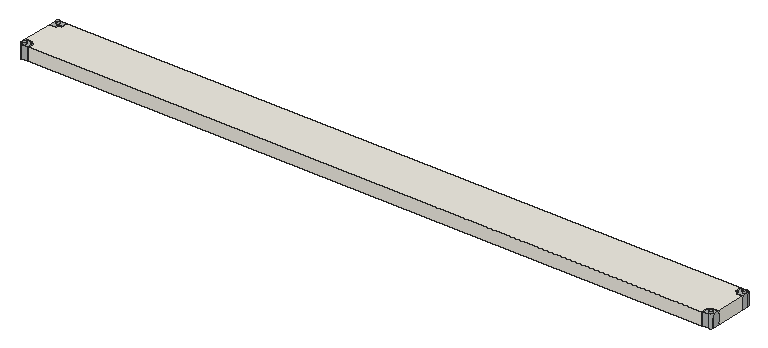
Revit family "HIGHTECH", category Осветительные приборы, Revit 2019 (continued)
Types (32, lengths in mm): name | Файл фотометрической сетки | built-in parameter 1150105 | Lumens | built-in parameter 1150106 | built-in parameter 1150142 | Wattage | Emit from Rectangle Width | Emit from Rectangle Length | Длина | Ширина | ADSK_Ток | ADSK_Полная мощность | ADSK_Обозначение | ADSK_Номинальная мощность | ADSK_Наименование | ADSK_Масса | ADSK_Код изделия
  Hightech-38/opal-sand 595х595 (IP54, 4000К, белый) c БАП на 3 часа | "Светильник HIGHTECH-38 OPAL-SAND-(595x595).IES" | 302.39 (stored number, unit not read) | 3800 lm | 3.0239 (stored number, unit not read) | "IESNA:LM-63-95\r\n[TEST] Протокол № 50-13\r\n[DATA] 17.06.2016\r\n[MORE] \r\n[MANUFAC] ЗАО \"Центрстройсвет\"\r\n[LUMCAT]  Светильник HIGHTECH-38/OPAL-SAND-(595x595)\r\n[LUMINAIRE]\r\n[LAMPCAT] Светодиоды\r\n[LAMP] Поток источника света (светодиодов) не известен\r\n[MORE] КСС приведена в абсолютных величинах кд\r\n[MORE] Вместо потока лампы, указан поток светильника.\r\nTILT=NONE\r\n1    3750 1.0 37 73 1 2 0.595 0.595 0.04\r\n1.0 1.0 38.7\r\n0.0 5.0 10.0 15.0 20.0 25.0 30.0 35.0 40.0 45.0 50.0 55.0 60.0 65.0 70.0 75.0 80.0 85.0 90.0 95.0 100.0 105.0 110.0 115.0 120.0 125.0 130.0 135.0 140.0 145.0 150.0 155.0 160.0 165.0 170.0 175.0 180.0\r\n0.0 5.0 10.0 15.0 20.0 25.0 30.0 35.0 40.0 45.0 50.0 55.0 60.0 65.0 70.0 75.0 80.0 85.0 90.0 95.0 100.0 105.0 110.0 115.0 120.0 125.0 130.0 135.0 140.0 145.0 150.0 155.0 160.0 165.0 170.0 175.0 180.0 185.0 190.0 195.0 200.0 205.0 210.0 215.0 220.0 225.0 230.0 235.0 240.0 245.0 250.0 255.0 260.0 265.0 270.0 275.0 280.0 285.0 290.0 295.0 300.0 305.0 310.0 315.0 320.0 325.0 330.0 335.0 340.0 345.0 350.0 355.0 360.0\r\n1391.4 1390.6 1365.7 1330.6 1277.5 1214.9 1147.5 1059.6 967.6 873.2 772.4 664.9 556.3 449.1 342.7 240.6 147.1 64.2 4.7 0.0 0.0 0.0 0.0 0.0 0.0 0.0 0.0 0.0 0.0 0.0 0.0 0.0 0.0 0.0 0.0 0.0 0.0\r\n1391.4 1390.5 1367.8 1332.7 1284.3 1221.3 1147.0 1062.1 969.2 872.4 773.2 666.3 557.1 450.1 343.8 241.9 146.9 64.7 5.2 0.0 0.0 0.0 0.0 0.0 0.0 0.0 0.0 0.0 0.0 0.0 0.0 0.0 0.0 0.0 0.0 0.0 0.0\r\n1391.4 1390.2 1372.0 1333.3 1277.3 1216.8 1144.5 1057.4 969.6 875.1 773.8 669.5 560.0 454.6 345.8 242.4 148.5 65.8 5.4 0.0 0.0 0.0 0.0 0.0 0.0 0.0 0.0 0.0 0.0 0.0 0.0 0.0 0.0 0.0 0.0 0.0 0.0\r\n1391.4 1389.8 1371.2 1330.7 1279.5 1220.5 1148.3 1059.9 967.7 873.2 767.5 666.8 561.4 453.0 347.1 243.7 149.9 65.6 5.8 0.0 0.0 0.0 0.0 0.0 0.0 0.0 0.0 0.0 0.0 0.0 0.0 0.0 0.0 0.0 0.0 0.0 0.0\r\n1391.4 1389.8 1368.3 1329.3 1285.0 1214.6 1141.1 1058.7 971.8 871.3 775.2 666.9 559.4 452.6 345.8 242.5 150.0 65.8 6.1 0.0 0.0 0.0 0.0 0.0 0.0 0.0 0.0 0.0 0.0 0.0 0.0 0.0 0.0 0.0 0.0 0.0 0.0\r\n1391.4 1390.5 1367.3 1332.3 1281.7 1219.0 1142.8 1064.6 970.5 874.4 772.1 667.5 560.2 453.0 346.2 241.8 149.4 65.7 5.6 0.0 0.0 0.0 0.0 0.0 0.0 0.0 0.0 0.0 0.0 0.0 0.0 0.0 0.0 0.0 0.0 0.0 0.0\r\n1391.4 1391.4 1368.1 1333.5 1277.3 1215.7 1139.0 1059.6 968.1 872.4 771.6 667.4 558.8 453.3 344.3 243.9 148.4 65.7 5.4 0.0 0.0 0.0 0.0 0.0 0.0 0.0 0.0 0.0 0.0 0.0 0.0 0.0 0.0 0.0 0.0 0.0 0.0\r\n1391.4 1391.7 1368.1 1330.4 1278.2 1213.9 1142.4 1061.6 967.4 875.1 772.0 669.3 561.1 452.5 345.2 242.1 148.3 65.4 5.5 0.0 0.0 0.0 0.0 0.0 0.0 0.0 0.0 0.0 0.0 0.0 0.0 0.0 0.0 0.0 0.0 0.0 0.0\r\n1391.4 1391.5 1371.0 1328.4 1278.5 1216.7 1142.1 1061.2 971.8 874.7 772.1 668.9 560.8 452.9 345.4 243.3 147.7 66.0 5.4 0.0 0.0 0.0 0.0 0.0 0.0 0.0 0.0 0.0 0.0 0.0 0.0 0.0 0.0 0.0 0.0 0.0 0.0\r\n1391.4 1391.5 1373.2 1330.5 1277.3 1215.5 1143.2 1063.6 967.0 872.7 772.2 669.4 558.9 453.2 346.6 241.9 148.1 65.2 5.5 0.0 0.0 0.0 0.0 0.0 0.0 0.0 0.0 0.0 0.0 0.0 0.0 0.0 0.0 0.0 0.0 0.0 0.0\r\n1391.4 1391.4 1369.7 1328.3 1281.3 1216.0 1139.8 1057.9 968.7 875.3 773.9 667.6 561.8 454.0 344.0 243.1 147.2 65.6 5.5 0.0 0.0 0.0 0.0 0.0 0.0 0.0 0.0 0.0 0.0 0.0 0.0 0.0 0.0 0.0 0.0 0.0 0.0\r\n1391.4 1390.5 1367.9 1330.1 1278.1 1218.1 1138.9 1061.0 970.0 871.8 770.4 669.3 560.2 453.4 346.9 242.1 148.3 65.2 5.2 0.0 0.0 0.0 0.0 0.0 0.0 0.0 0.0 0.0 0.0 0.0 0.0 0.0 0.0 0.0 0.0 0.0 0.0\r\n1391.4 1389.3 1368.2 1329.1 1280.8 1214.4 1142.5 1059.2 967.2 874.3 772.4 668.0 563.1 452.3 345.7 242.8 146.8 64.9 5.1 0.0 0.0 0.0 0.0 0.0 0.0 0.0 0.0 0.0 0.0 0.0 0.0 0.0 0.0 0.0 0.0 0.0 0.0\r\n1391.4 1388.6 1367.4 1327.8 1278.0 1215.7 1141.0 1061.0 971.5 877.3 771.2 667.3 561.5 453.0 346.4 242.4 146.3 64.8 5.2 0.0 0.0 0.0 0.0 0.0 0.0 0.0 0.0 0.0 0.0 0.0 0.0 0.0 0.0 0.0 0.0 0.0 0.0\r\n1391.4 1388.0 1367.6 1326.7 1278.3 1218.0 1140.9 1061.5 968.4 873.4 770.1 666.6 562.1 454.6 344.8 241.8 146.4 64.0 5.5 0.0 0.0 0.0 0.0 0.0 0.0 0.0 0.0 0.0 0.0 0.0 0.0 0.0 0.0 0.0 0.0 0.0 0.0\r\n1391.4 1387.2 1366.1 1331.0 1281.4 1216.3 1142.7 1059.1 969.4 871.5 772.2 667.3 560.5 453.0 344.4 242.2 146.4 63.8 5.6 0.0 0.0 0.0 0.0 0.0 0.0 0.0 0.0 0.0 0.0 0.0 0.0 0.0 0.0 0.0 0.0 0.0 0.0\r\n1391.4 1387.1 1366.3 1328.7 1276.9 1214.5 1141.2 1059.3 968.4 874.3 775.5 668.3 562.5 454.9 346.4 241.3 146.2 63.5 5.7 0.0 0.0 0.0 0.0 0.0 0.0 0.0 0.0 0.0 0.0 0.0 0.0 0.0 0.0 0.0 0.0 0.0 0.0\r\n1391.4 1388.4 1366.0 1329.7 1279.2 1217.9 1140.0 1060.5 969.0 873.9 772.0 671.3 560.4 453.2 343.7 241.7 145.8 63.7 5.4 0.0 0.0 0.0 0.0 0.0 0.0 0.0 0.0 0.0 0.0 0.0 0.0 0.0 0.0 0.0 0.0 0.0 0.0\r\n1391.4 1389.6 1367.7 1329.3 1277.2 1211.1 1140.1 1061.0 971.0 871.2 769.2 669.1 561.5 453.1 343.3 241.9 145.8 63.4 5.2 0.0 0.0 0.0 0.0 0.0 0.0 0.0 0.0 0.0 0.0 0.0 0.0 0.0 0.0 0.0 0.0 0.0 0.0\r\n1391.4 1388.8 1366.9 1327.1 1279.4 1214.2 1142.5 1056.4 970.7 870.3 771.0 665.1 560.4 453.3 343.8 241.1 145.7 63.4 5.2 0.0 0.0 0.0 0.0 0.0 0.0 0.0 0.0 0.0 0.0 0.0 0.0 0.0 0.0 0.0 0.0 0.0 0.0\r\n1391.4 1387.2 1365.8 1328.9 1276.6 1210.2 1141.4 1059.3 966.6 871.4 770.5 667.4 559.2 451.4 344.2 241.0 145.6 63.2 5.1 0.0 0.0 0.0 0.0 0.0 0.0 0.0 0.0 0.0 0.0 0.0 0.0 0.0 0.0 0.0 0.0 0.0 0.0\r\n1391.4 1386.8 1364.4 1329.8 1279.4 1213.7 1144.0 1059.0 965.3 873.7 768.8 668.9 559.4 449.5 342.6 241.5 144.6 63.4 5.0 0.0 0.0 0.0 0.0 0.0 0.0 0.0 0.0 0.0 0.0 0.0 0.0 0.0 0.0 0.0 0.0 0.0 0.0\r\n1391.4 1388.1 1365.8 1328.1 1273.8 1213.4 1137.9 1059.2 967.3 869.2 769.3 667.7 558.4 451.4 344.0 240.6 145.7 63.4 4.9 0.0 0.0 0.0 0.0 0.0 0.0 0.0 0.0 0.0 0.0 0.0 0.0 0.0 0.0 0.0 0.0 0.0 0.0\r\n1391.4 1389.2 1364.4 1323.2 1276.3 1213.8 1137.6 1055.3 963.1 871.0 767.7 664.1 559.7 447.1 342.4 240.1 145.2 63.9 5.1 0.0 0.0 0.0 0.0 0.0 0.0 0.0 0.0 0.0 0.0 0.0 0.0 0.0 0.0 0.0 0.0 0.0 0.0\r\n1391.4 1388.4 1362.3 1326.8 1274.4 1212.2 1137.9 1054.7 966.7 867.9 768.7 663.4 557.3 449.2 343.3 240.0 145.7 63.6 5.0 0.0 0.0 0.0 0.0 0.0 0.0 0.0 0.0 0.0 0.0 0.0 0.0 0.0 0.0 0.0 0.0 0.0 0.0\r\n1391.4 1386.2 1361.8 1326.5 1273.3 1211.2 1134.5 1048.6 964.3 866.3 767.8 662.9 556.7 449.5 341.9 239.8 145.7 63.7 5.0 0.0 0.0 0.0 0.0 0.0 0.0 0.0 0.0 0.0 0.0 0.0 0.0 0.0 0.0 0.0 0.0 0.0 0.0\r\n1391.4 1384.4 1363.5 1324.4 1272.0 1209.5 1137.2 1053.0 960.2 867.5 767.9 662.7 556.7 449.2 342.5 239.1 146.2 63.8 4.8 0.0 0.0 0.0 0.0 0.0 0.0 0.0 0.0 0.0 0.0 0.0 0.0 0.0 0.0 0.0 0.0 0.0 0.0\r\n1391.4 1383.7 1362.4 1324.4 1274.0 1209.5 1134.4 1050.1 965.4 864.9 764.6 662.3 556.6 447.9 340.5 240.3 145.5 64.6 4.6 0.0 0.0 0.0 0.0 0.0 0.0 0.0 0.0 0.0 0.0 0.0 0.0 0.0 0.0 0.0 0.0 0.0 0.0\r\n1391.4 1384.4 1361.9 1326.9 1270.2 1207.3 1132.7 1050.1 959.7 867.7 763.1 662.2 555.0 447.3 343.0 238.3 145.8 63.9 4.7 0.0 0.0 0.0 0.0 0.0 0.0 0.0 0.0 0.0 0.0 0.0 0.0 0.0 0.0 0.0 0.0 0.0 0.0\r\n1391.4 1385.1 1363.0 1320.0 1270.4 1207.9 1134.4 1055.0 963.5 867.3 766.7 660.7 555.9 450.1 342.6 240.2 145.9 64.3 4.9 0.0 0.0 0.0 0.0 0.0 0.0 0.0 0.0 0.0 0.0 0.0 0.0 0.0 0.0 0.0 0.0 0.0 0.0\r\n1391.4 1384.9 1362.3 1321.4 1273.1 1208.0 1135.4 1052.3 961.9 865.0 764.0 660.8 553.5 447.6 341.2 240.3 146.1 63.8 4.8 0.0 0.0 0.0 0.0 0.0 0.0 0.0 0.0 0.0 0.0 0.0 0.0 0.0 0.0 0.0 0.0 0.0 0.0\r\n1391.4 1383.8 1361.2 1322.1 1265.1 1211.5 1132.8 1049.3 961.3 863.4 764.0 661.0 550.7 447.9 341.0 240.1 146.2 63.8 4.6 0.0 0.0 0.0 0.0 0.0 0.0 0.0 0.0 0.0 0.0 0.0 0.0 0.0 0.0 0.0 0.0 0.0 0.0\r\n1391.4 1382.8 1359.3 1321.5 1269.3 1206.8 1132.8 1051.1 958.3 863.2 763.1 662.7 553.4 448.0 340.4 240.0 145.8 63.8 4.0 0.0 0.0 0.0 0.0 0.0 0.0 0.0 0.0 0.0 0.0 0.0 0.0 0.0 0.0 0.0 0.0 0.0 0.0\r\n1391.4 1382.6 1359.0 1319.6 1268.1 1204.3 1129.8 1049.0 957.7 861.8 761.7 658.4 554.2 446.1 340.4 239.0 145.6 63.8 3.8 0.0 0.0 0.0 0.0 0.0 0.0 0.0 0.0 0.0 0.0 0.0 0.0 0.0 0.0 0.0 0.0 0.0 0.0\r\n1391.4 1382.8 1358.5 1315.8 1266.5 1202.1 1128.5 1049.2 957.6 860.0 762.1 658.2 549.9 443.8 339.6 238.4 145.7 63.6 3.7 0.0 0.0 0.0 0.0 0.0 0.0 0.0 0.0 0.0 0.0 0.0 0.0 0.0 0.0 0.0 0.0 0.0 0.0\r\n1391.4 1382.2 1360.5 1319.2 1265.9 1204.5 1129.9 1046.9 955.0 862.9 758.9 657.9 552.5 444.9 338.9 238.8 145.3 63.6 3.3 0.0 0.0 0.0 0.0 0.0 0.0 0.0 0.0 0.0 0.0 0.0 0.0 0.0 0.0 0.0 0.0 0.0 0.0\r\n1391.4 1381.1 1361.2 1321.0 1268.1 1203.8 1128.8 1047.4 955.6 863.7 761.1 656.4 551.5 445.2 339.2 238.5 144.7 62.5 3.5 0.0 0.0 0.0 0.0 0.0 0.0 0.0 0.0 0.0 0.0 0.0 0.0 0.0 0.0 0.0 0.0 0.0 0.0\r\n1391.4 1380.6 1359.0 1316.4 1268.5 1204.0 1126.1 1049.5 956.2 859.6 759.7 656.5 549.2 444.3 338.4 236.1 143.8 61.6 3.2 0.0 0.0 0.0 0.0 0.0 0.0 0.0 0.0 0.0 0.0 0.0 0.0 0.0 0.0 0.0 0.0 0.0 0.0\r\n1391.4 1380.7 1356.6 1316.0 1267.0 1205.6 1130.3 1044.8 956.9 856.7 759.3 653.5 548.1 441.9 335.3 235.4 141.4 60.3 2.9 0.0 0.0 0.0 0.0 0.0 0.0 0.0 0.0 0.0 0.0 0.0 0.0 0.0 0.0 0.0 0.0 0.0 0.0\r\n1391.4 1380.4 1354.4 1317.9 1268.8 1199.0 1129.0 1044.0 956.9 860.6 758.3 656.9 549.1 442.0 334.4 236.1 141.7 60.5 2.6 0.0 0.0 0.0 0.0 0.0 0.0 0.0 0.0 0.0 0.0 0.0 0.0 0.0 0.0 0.0 0.0 0.0 0.0\r\n1391.4 1380.1 1356.7 1322.1 1264.6 1201.7 1129.9 1047.4 957.2 859.7 758.2 656.1 549.4 442.8 335.3 235.8 141.3 60.6 2.3 0.0 0.0 0.0 0.0 0.0 0.0 0.0 0.0 0.0 0.0 0.0 0.0 0.0 0.0 0.0 0.0 0.0 0.0\r\n1391.4 1379.9 1357.3 1317.5 1265.9 1207.8 1129.2 1046.5 955.7 860.2 758.6 656.9 550.7 441.9 335.4 233.9 140.6 60.2 2.4 0.0 0.0 0.0 0.0 0.0 0.0 0.0 0.0 0.0 0.0 0.0 0.0 0.0 0.0 0.0 0.0 0.0 0.0\r\n1391.4 1379.2 1355.5 1314.6 1269.3 1203.7 1133.5 1044.8 957.2 857.9 762.0 656.6 548.7 440.4 335.9 234.5 140.4 59.8 2.8 0.0 0.0 0.0 0.0 0.0 0.0 0.0 0.0 0.0 0.0 0.0 0.0 0.0 0.0 0.0 0.0 0.0 0.0\r\n1391.4 1377.9 1357.1 1319.2 1271.9 1204.4 1128.6 1050.2 953.1 856.9 757.6 653.7 548.9 439.9 335.4 232.4 140.5 59.2 3.0 0.0 0.0 0.0 0.0 0.0 0.0 0.0 0.0 0.0 0.0 0.0 0.0 0.0 0.0 0.0 0.0 0.0 0.0\r\n1391.4 1377.2 1356.3 1322.9 1266.0 1204.8 1132.2 1049.0 958.1 859.3 759.0 654.6 547.0 441.6 334.9 232.1 139.3 58.8 2.9 0.0 0.0 0.0 0.0 0.0 0.0 0.0 0.0 0.0 0.0 0.0 0.0 0.0 0.0 0.0 0.0 0.0 0.0\r\n1391.4 1377.8 1353.8 1319.7 1269.6 1207.9 1135.8 1049.5 955.8 858.0 762.4 655.9 548.2 441.6 335.6 231.7 139.4 58.8 2.8 0.0 0.0 0.0 0.0 0.0 0.0 0.0 0.0 0.0 0.0 0.0 0.0 0.0 0.0 0.0 0.0 0.0 0.0\r\n1391.4 1378.5 1355.2 1319.8 1267.3 1206.5 1131.2 1046.1 954.6 861.2 756.6 653.8 548.1 440.3 335.0 232.6 138.6 59.0 2.9 0.0 0.0 0.0 0.0 0.0 0.0 0.0 0.0 0.0 0.0 0.0 0.0 0.0 0.0 0.0 0.0 0.0 0.0\r\n1391.4 1378.6 1355.1 1318.3 1269.7 1200.8 1133.1 1049.0 957.6 862.5 762.4 656.9 549.3 443.5 334.7 231.2 138.8 58.1 3.0 0.0 0.0 0.0 0.0 0.0 0.0 0.0 0.0 0.0 0.0 0.0 0.0 0.0 0.0 0.0 0.0 0.0 0.0\r\n1391.4 1378.8 1355.8 1321.7 1268.8 1210.0 1129.0 1048.5 958.8 862.4 762.2 656.4 549.0 441.1 335.4 231.5 138.5 58.1 3.0 0.0 0.0 0.0 0.0 0.0 0.0 0.0 0.0 0.0 0.0 0.0 0.0 0.0 0.0 0.0 0.0 0.0 0.0\r\n1391.4 1379.6 1357.6 1321.7 1269.0 1207.1 1133.9 1047.0 964.1 863.3 761.9 656.4 551.5 440.7 334.9 232.2 137.6 58.1 2.8 0.0 0.0 0.0 0.0 0.0 0.0 0.0 0.0 0.0 0.0 0.0 0.0 0.0 0.0 0.0 0.0 0.0 0.0\r\n1391.4 1380.6 1357.7 1319.2 1272.0 1207.5 1131.3 1054.6 959.0 863.3 764.8 655.9 549.1 443.0 335.1 231.3 138.0 58.1 2.7 0.0 0.0 0.0 0.0 0.0 0.0 0.0 0.0 0.0 0.0 0.0 0.0 0.0 0.0 0.0 0.0 0.0 0.0\r\n1391.4 1381.5 1358.5 1321.9 1271.0 1204.1 1135.9 1055.8 962.5 865.5 761.1 656.9 550.6 442.0 335.3 231.9 137.4 57.9 2.6 0.0 0.0 0.0 0.0 0.0 0.0 0.0 0.0 0.0 0.0 0.0 0.0 0.0 0.0 0.0 0.0 0.0 0.0\r\n1391.4 1381.3 1358.5 1322.3 1270.8 1207.2 1133.7 1051.9 958.0 867.3 767.5 657.0 552.1 442.3 333.6 231.2 137.9 57.8 2.6 0.0 0.0 0.0 0.0 0.0 0.0 0.0 0.0 0.0 0.0 0.0 0.0 0.0 0.0 0.0 0.0 0.0 0.0\r\n1391.4 1380.6 1359.4 1319.7 1270.6 1209.0 1133.0 1052.1 963.9 867.5 764.1 660.0 554.0 443.3 334.8 231.7 137.6 57.8 2.7 0.0 0.0 0.0 0.0 0.0 0.0 0.0 0.0 0.0 0.0 0.0 0.0 0.0 0.0 0.0 0.0 0.0 0.0\r\n1391.4 1381.3 1359.9 1321.3 1270.6 1204.8 1135.0 1051.3 962.1 865.5 761.7 660.3 553.1 443.5 334.1 231.9 137.9 57.8 2.8 0.0 0.0 0.0 0.0 0.0 0.0 0.0 0.0 0.0 0.0 0.0 0.0 0.0 0.0 0.0 0.0 0.0 0.0\r\n1391.4 1383.1 1362.1 1324.8 1273.8 1208.7 1134.8 1055.9 961.8 866.4 762.3 659.7 552.4 443.7 334.4 232.8 138.0 58.0 2.8 0.0 0.0 0.0 0.0 0.0 0.0 0.0 0.0 0.0 0.0 0.0 0.0 0.0 0.0 0.0 0.0 0.0 0.0\r\n1391.4 1384.6 1360.4 1321.7 1272.0 1210.6 1130.9 1052.5 963.1 866.7 767.4 659.3 553.7 444.6 335.4 233.1 138.3 58.0 2.8 0.0 0.0 0.0 0.0 0.0 0.0 0.0 0.0 0.0 0.0 0.0 0.0 0.0 0.0 0.0 0.0 0.0 0.0\r\n1391.4 1385.6 1357.5 1324.7 1273.9 1211.6 1134.3 1052.7 963.6 865.4 763.1 658.7 552.2 444.9 336.9 232.8 138.8 58.6 2.9 0.0 0.0 0.0 0.0 0.0 0.0 0.0 0.0 0.0 0.0 0.0 0.0 0.0 0.0 0.0 0.0 0.0 0.0\r\n1391.4 1386.4 1357.8 1323.4 1273.2 1212.2 1136.3 1054.7 967.5 867.5 764.0 659.4 553.3 443.7 336.8 233.2 138.9 58.5 3.1 0.0 0.0 0.0 0.0 0.0 0.0 0.0 0.0 0.0 0.0 0.0 0.0 0.0 0.0 0.0 0.0 0.0 0.0\r\n1391.4 1386.6 1362.0 1324.9 1273.2 1211.3 1139.0 1049.9 960.3 866.4 768.0 661.3 552.2 443.4 336.3 233.4 139.8 58.9 3.1 0.0 0.0 0.0 0.0 0.0 0.0 0.0 0.0 0.0 0.0 0.0 0.0 0.0 0.0 0.0 0.0 0.0 0.0\r\n1391.4 1386.0 1360.5 1326.0 1271.8 1212.0 1137.2 1059.3 963.5 867.6 766.9 661.2 552.3 445.8 337.8 233.6 141.0 59.2 3.3 0.0 0.0 0.0 0.0 0.0 0.0 0.0 0.0 0.0 0.0 0.0 0.0 0.0 0.0 0.0 0.0 0.0 0.0\r\n1391.4 1385.0 1362.3 1325.1 1272.0 1207.1 1138.5 1053.6 964.5 865.8 766.5 661.6 554.3 445.9 337.0 234.5 140.4 60.2 3.5 0.0 0.0 0.0 0.0 0.0 0.0 0.0 0.0 0.0 0.0 0.0 0.0 0.0 0.0 0.0 0.0 0.0 0.0\r\n1391.4 1384.4 1361.8 1323.6 1274.0 1214.8 1138.9 1053.9 968.0 867.9 769.0 663.8 555.6 446.7 339.6 235.0 141.3 60.4 3.4 0.0 0.0 0.0 0.0 0.0 0.0 0.0 0.0 0.0 0.0 0.0 0.0 0.0 0.0 0.0 0.0 0.0 0.0\r\n1391.4 1385.0 1360.9 1322.2 1272.4 1209.8 1137.2 1055.7 962.7 869.7 769.6 658.2 556.6 447.4 338.5 236.2 142.5 60.7 3.4 0.0 0.0 0.0 0.0 0.0 0.0 0.0 0.0 0.0 0.0 0.0 0.0 0.0 0.0 0.0 0.0 0.0 0.0\r\n1391.4 1386.6 1363.1 1323.6 1272.5 1211.5 1139.2 1058.4 969.9 868.0 768.8 664.6 556.3 445.8 342.1 236.1 142.3 61.2 3.5 0.0 0.0 0.0 0.0 0.0 0.0 0.0 0.0 0.0 0.0 0.0 0.0 0.0 0.0 0.0 0.0 0.0 0.0\r\n1391.4 1388.6 1360.9 1330.2 1273.7 1213.2 1138.7 1058.3 966.2 867.0 766.8 663.4 553.3 447.1 339.2 238.7 143.0 61.4 3.8 0.0 0.0 0.0 0.0 0.0 0.0 0.0 0.0 0.0 0.0 0.0 0.0 0.0 0.0 0.0 0.0 0.0 0.0\r\n1391.4 1389.8 1360.8 1328.4 1276.8 1216.0 1140.1 1055.8 963.1 870.3 768.4 663.1 554.0 449.1 340.1 237.3 144.8 61.7 3.8 0.0 0.0 0.0 0.0 0.0 0.0 0.0 0.0 0.0 0.0 0.0 0.0 0.0 0.0 0.0 0.0 0.0 0.0\r\n1391.4 1389.3 1362.5 1325.9 1278.0 1210.4 1138.2 1054.7 967.8 872.7 770.2 661.9 556.5 446.9 341.3 237.7 144.4 62.5 3.9 0.0 0.0 0.0 0.0 0.0 0.0 0.0 0.0 0.0 0.0 0.0 0.0 0.0 0.0 0.0 0.0 0.0 0.0\r\n1391.4 1387.8 1365.8 1326.6 1274.3 1213.2 1141.4 1053.1 966.2 871.2 768.4 663.7 555.0 447.1 341.3 238.2 144.3 62.7 4.1 0.0 0.0 0.0 0.0 0.0 0.0 0.0 0.0 0.0 0.0 0.0 0.0 0.0 0.0 0.0 0.0 0.0 0.0\r\n1391.4 1387.2 1364.2 1328.3 1274.8 1209.4 1145.0 1060.0 963.9 867.5 766.5 663.4 556.7 448.2 340.9 240.3 144.7 63.3 4.0 0.0 0.0 0.0 0.0 0.0 0.0 0.0 0.0 0.0 0.0 0.0 0.0 0.0 0.0 0.0 0.0 0.0 0.0\r\n1391.4 1388.4 1364.9 1332.6 1279.0 1215.6 1140.9 1056.3 969.3 867.1 770.0 663.8 559.0 449.0 342.4 240.3 145.7 63.3 4.7 0.0 0.0 0.0 0.0 0.0 0.0 0.0 0.0 0.0 0.0 0.0 0.0 0.0 0.0 0.0 0.0 0.0 0.0\r\n1391.4 1390.0 1364.5 1329.3 1281.4 1217.7 1141.3 1063.3 970.3 871.1 768.8 663.5 555.2 449.3 342.4 239.8 146.6 63.3 4.9 0.0 0.0 0.0 0.0 0.0 0.0 0.0 0.0 0.0 0.0 0.0 0.0 0.0 0.0 0.0 0.0 0.0 0.0\r\n1391.4 1390.6 1365.7 1330.6 1277.5 1214.9 1147.5 1059.6 967.6 873.2 772.4 664.9 556.3 449.1 342.7 240.6 147.1 64.2 4.7 0.0 0.0 0.0 0.0 0.0 0.0 0.0 0.0 0.0 0.0 0.0 0.0 0.0 0.0 0.0 0.0 0.0 0.0\r\n" | 25.582 W | 555 | 555 | 595 | 595 | 0.179584 A | 41.3043 VA | "Hightech-38/opal-sand 595х595 (IP54, 4000К, белый)" | 38 W | "Универсальный светодиодный светильник Hightech-38/opal-sand 595х595 (IP54, 4000К, белый) c БАП на 3 часа" | 2.5 | "ЦБ000007551"
